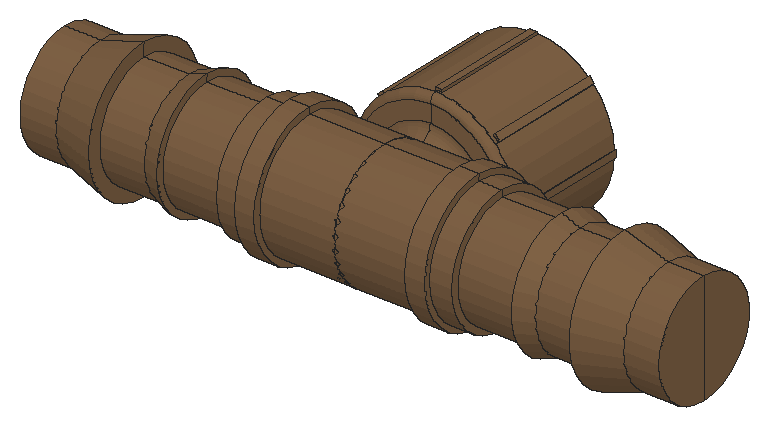
Revit family "XFF-TFA-050", category Conexões de tubo, Revit 2020
Family settings
  Cota do conector redondo = Utilizar diâmetro
  Tipo de parte = Tê
  Com base no plano de trabalho = Não
  Sempre na vertical = Sim
  Corte com vazios quando carregada = Não
  Compartilhado = Não
Parameters (values of type "XFF-TFA-050")
  y = 8.5 mm
  Y2 = 42.5 mm
  R1 = 6.35 mm
  Descrição = RainBird: Description  # "XFF-TFA-050: Low profile barb tee female adapter\r\n17mm x 1/2\" FPT x 17mm"
  DTT5 = 26.25 mm
  DTT4 = 1 mm
  DTT3 = 10 mm
  DTT2 = 2 mm
  DTT1 = 3 mm
  DN2 [instance] = 12.7 mm
  URL = "www.rainbird.com"
  SupportProjetos: Review Date = ""  # constant formula
  SupportProjetos: Review = "R00"  # constant formula
  SupportProjetos: Level of Detail = "LOD 300"  # constant formula
  SupportProjetos: Developed = "MICHEL SOARES MOTA"  # constant formula
  SupportProjetos: Creation Date = "07/10/2020"  # constant formula
  RainBird: Product Link = "www.rainbird.com"
  RainBird: Description = "XFF-TFA-050: Low profile barb tee female adapter\r\n17mm x 1/2\" FPT x 17mm"
  RainBird: Comment = ""
  RainBird: Code = ""
  Modelo = "XFF-TFA-050"
  Type Image = (empty or 0)
  Default Elevation = 0 mm
  DN1 [instance] = 16.1 mm
  Type Comments = ""
  PVC = PVC - Franklin Electric - Preto
Reference planes
  plane 1 "Centro (Frente/Trás)": y = 0
  plane 2: z = 0
  plane 3 "Centro (Esquerda/Direita)": x = 0
Forms (mm)
  Revolve 1, solid, material "PVC - Franklin Electric - Preto" <- "PVC"
    sketch origin (0, 0, 0) x (1, 0, 0) y (0, 0, 1)
      loop
        arc (0, 9.5) -> (-6.718, 6.718) -> (-9.5, 0) r 9.5
        line (-9.5, 0) -> (48.451, 0) -> (48.451, 8.5) -> (43.055, 8.5) -> (36.451, 10.519) -> (36.451, 8.5) -> (29.673, 8.5) -> (26.884, 9.5) -> (26.884, 8.5) -> (17.885, 8.5) -> (17.885, 9.5) -> (14.385, 9.5) -> (14.385, 10.391) -> (11.385, 10.391) -> (11.385, 9.5) -> (0, 9.5)
      axis (-9.5, 0) -> (48.451, 0)
    angle from 0 to 360
  Revolve 2, solid, material "PVC - Franklin Electric - Preto" <- "PVC"
    sketch origin (0, 0, 0) x (0, 1, 0) y (0, 0, 1)
      loop
        line (0, 6.35) -> (0, 0) -> (11.316, 0) -> (11.316, 6.35) -> (28.316, 6.35)
        arc (28.316, 6.35) -> (28.609, 9.275) -> (28.316, 12.201) r 14.765
        line (28.316, 12.201) -> (9.86, 12.201)
        arc (9.86, 12.201) -> (9.042, 11.862) -> (8.703, 11.043) r 1.158
        line (8.703, 11.043) -> (8.703, 8.456)
        arc (8.703, 8.456) -> (8.086, 6.967) -> (6.596, 6.35) r 2.106
        line (6.596, 6.35) -> (0, 6.35)
      axis (0, 0) -> (28.316, 0)
    angle from 0 to 360
  Revolve 3, solid, material "PVC - Franklin Electric - Preto" <- "PVC"
    sketch origin (0, 0, 0) x (-1, 0, 0) y (0, 0, 1)
      loop
        arc (0, 9.5) -> (-6.718, 6.718) -> (-9.5, 0) r 9.5
        line (-9.5, 0) -> (48.451, 0) -> (48.451, 8.5) -> (43.055, 8.5) -> (36.451, 10.519) -> (36.451, 8.5) -> (29.673, 8.5) -> (26.884, 9.5) -> (26.884, 8.5) -> (17.885, 8.5) -> (17.885, 9.5) -> (14.385, 9.5) -> (14.385, 10.468) -> (11.385, 10.468) -> (11.385, 9.5) -> (0, 9.5)
      axis (-9.5, 0) -> (48.451, 0)
    angle from 0 to 360
  Extrusion 4, solid, material "PVC - Franklin Electric - Preto" <- "PVC"
    sketch origin (0, 0, 0) x (1, 0, 0) y (0, 0, 1)
      loop
        line (0.519, 12.478) -> (-0.519, 12.478) -> (-0.519, 11.446) -> (0.519, 11.446) -> (0.519, 12.478)
      loop
        line (-8.456, 9.19) -> (-9.19, 8.456) -> (-8.461, 7.726) -> (-7.726, 8.461) -> (-8.456, 9.19)
      loop
        line (-12.478, 0.519) -> (-12.478, -0.519) -> (-11.446, -0.519) -> (-11.446, 0.519) -> (-12.478, 0.519)
      loop
        line (-9.19, -8.456) -> (-8.456, -9.19) -> (-7.726, -8.461) -> (-8.461, -7.726) -> (-9.19, -8.456)
      loop
        line (-0.519, -12.478) -> (0.519, -12.478) -> (0.519, -11.446) -> (-0.519, -11.446) -> (-0.519, -12.478)
      loop
        line (8.456, 9.19) -> (7.726, 8.461) -> (8.461, 7.726) -> (9.19, 8.456) -> (8.456, 9.19)
      loop
        line (12.478, 0.519) -> (11.446, 0.519) -> (11.446, -0.519) -> (12.478, -0.519) -> (12.478, 0.519)
      loop
        line (9.19, -8.456) -> (8.461, -7.726) -> (7.726, -8.461) -> (8.456, -9.19) -> (9.19, -8.456)
    from -28.316 to -10.305
Dimensions and locks
  "R1": Revolve 2 sketch curve to level
  aligned and locked: level to plane 2
Automatic sketch dimensions
  Revolve 1 sketch curve to level = 0 mm  (x2)
  Revolve 1 sketch curve to plane 3 "Centro (Esquerda/Direita)" = 0 mm
  Revolve 1 sketch curve to plane 3 "Centro (Esquerda/Direita)" = 9.5 mm
  Revolve 1 sketch curve to Revolve 1 sketch curve = 11.385 mm
  Revolve 1 sketch curve to Revolve 1 sketch curve = 3 mm
  Revolve 1 sketch curve to Revolve 1 sketch curve = 3.5 mm
  Revolve 1 sketch curve to Revolve 1 sketch curve = 8.999 mm
  Revolve 1 sketch curve to Revolve 1 sketch curve = 2.789 mm
  Revolve 1 sketch curve to Revolve 1 sketch curve = 6.779 mm
  level to Revolve 1 sketch curve = 8.5 mm
  Revolve 1 sketch curve to Revolve 1 sketch curve = 6.604 mm
  Revolve 1 sketch curve to Revolve 1 sketch curve = 5.396 mm
  Revolve 1 sketch curve to Revolve 1 sketch curve = 1 mm  (x3)
  Revolve 1 sketch curve to Revolve 1 sketch curve = 0 mm
  Revolve 1 sketch curve to Revolve 1 sketch curve = 0.891 mm
  Revolve 1 sketch curve to Revolve 1 sketch curve = 2.019 mm
  Revolve 1 sketch curve to Revolve 1 sketch curve = 43 mm
  Revolve 1 sketch curve to Revolve 1 sketch curve = 10.625 mm
  Revolve 3 sketch curve to level = 0 mm  (x2)
  Revolve 3 sketch curve to plane 3 "Centro (Esquerda/Direita)" = 0 mm
  Revolve 3 sketch curve to plane 3 "Centro (Esquerda/Direita)" = 9.5 mm
  Revolve 3 sketch curve to Revolve 3 sketch curve = 11.385 mm
  Revolve 3 sketch curve to Revolve 3 sketch curve = 3 mm
  Revolve 3 sketch curve to Revolve 3 sketch curve = 3.5 mm
  Revolve 3 sketch curve to Revolve 3 sketch curve = 8.999 mm
  Revolve 3 sketch curve to Revolve 3 sketch curve = 2.789 mm
  Revolve 3 sketch curve to Revolve 3 sketch curve = 6.779 mm
  Revolve 3 sketch curve to level = 8.5 mm
  Revolve 3 sketch curve to Revolve 3 sketch curve = 6.604 mm
  Revolve 3 sketch curve to Revolve 3 sketch curve = 5.396 mm
  Revolve 3 sketch curve to Revolve 3 sketch curve = 1 mm  (x3)
  Revolve 3 sketch curve to Revolve 3 sketch curve = 0 mm
  Revolve 3 sketch curve to Revolve 3 sketch curve = 0.968 mm
  Revolve 3 sketch curve to Revolve 3 sketch curve = 2.019 mm
  Revolve 3 sketch curve to Revolve 3 sketch curve = 43 mm
  Revolve 3 sketch curve to Revolve 3 sketch curve = 10.625 mm
  level to Extrusion 4 sketch curve = 0.519 mm  (x2)
  Extrusion 4 sketch curve to plane 3 "Centro (Esquerda/Direita)" = 12.478 mm
  Extrusion 4 sketch curve to Extrusion 4 sketch curve = 1.032 mm  (x4)
  Extrusion 4 sketch curve to Extrusion 4 sketch curve = 2.255 mm  (x2)
  Extrusion 4 sketch curve to Extrusion 4 sketch curve = 0.73 mm  (x8)
  Extrusion 4 sketch curve to Extrusion 4 sketch curve = 0.734 mm  (x4)
  Extrusion 4 sketch curve to plane 3 "Centro (Esquerda/Direita)" = 0.519 mm  (x2)
  plane 3 "Centro (Esquerda/Direita)" to Extrusion 4 sketch curve = 0.519 mm  (x2)
  plane 3 "Centro (Esquerda/Direita)" to Extrusion 4 sketch curve = 7.726 mm  (x2)
  Extrusion 4 sketch curve to Extrusion 4 sketch curve = 2.985 mm  (x3)
  Extrusion 4 sketch curve to level = 0.519 mm  (x2)
  Extrusion 4 sketch curve to level = 7.726 mm  (x2)
  level to Extrusion 4 sketch curve = 7.726 mm  (x2)
  Revolve 2 sketch curve to level = 0 mm  (x2)
  Revolve 2 sketch curve to plane 1 "Centro (Frente/Trás)" = 0 mm
  Revolve 2 sketch curve to Revolve 2 sketch curve = 6.596 mm
  Revolve 2 sketch curve to Revolve 2 sketch curve = 2.106 mm
  Revolve 2 sketch curve to Revolve 2 sketch curve = 1.158 mm
  Revolve 2 sketch curve to Revolve 2 sketch curve = 4.72 mm
  Revolve 2 sketch curve to Revolve 2 sketch curve = 2.528 mm
  Revolve 2 sketch curve to Revolve 2 sketch curve = 14.472 mm
  Revolve 2 sketch curve to Revolve 2 sketch curve = 0 mm  (x2)
  Revolve 2 sketch curve to Revolve 2 sketch curve = 2.925 mm
  plane 1 "Centro (Frente/Trás)" to Revolve 2 sketch curve = 52.5 mm
  Revolve 2 sketch curve to Revolve 2 sketch curve = 30.759 mm
Connectors
  piping at (17.885, 0, 0), diameter 16.1, driven by "DN1"
    settings: on Revolve 1, index 1, connector inside diameter 609.6 mm, connector length 0 mm, flow factor 0, pipe flow 0.0 L/s, pressure drop 0.0 Pa, fitting loss kfactor 0, connector angle 0.00°, fixture units 0, engagement length 0 mm, angle of deflection 0.00°, flow configuration 0, flow direction 0, fitting loss method 0, system type 7, joint type 0, gender type 0, connector reference index 3, connector utility 0, adjustable connector no, is connector primary yes, connector description ""
  piping at (0, 22.635, 0), diameter 12.7, driven by "DN2"
    settings: on Revolve 2, index 2, connector inside diameter 609.6 mm, connector length 0 mm, flow factor 0, pipe flow 0.0 L/s, pressure drop 0.0 Pa, fitting loss kfactor 0, connector angle 0.00°, fixture units 0, engagement length 0 mm, angle of deflection 0.00°, flow configuration 0, flow direction 0, fitting loss method 0, system type 7, joint type 0, gender type 0, connector reference index -1, connector utility 0, adjustable connector no, is connector primary no, connector description ""
  piping at (-17.885, 0, 0), diameter 16.1, driven by "DN1"
    settings: on Revolve 3, index 3, connector inside diameter 609.6 mm, connector length 0 mm, flow factor 0, pipe flow 0.0 L/s, pressure drop 0.0 Pa, fitting loss kfactor 0, connector angle 0.00°, fixture units 0, engagement length 0 mm, angle of deflection 0.00°, flow configuration 0, flow direction 0, fitting loss method 0, system type 7, joint type 0, gender type 0, connector reference index 1, connector utility 0, adjustable connector no, is connector primary no, connector description ""
